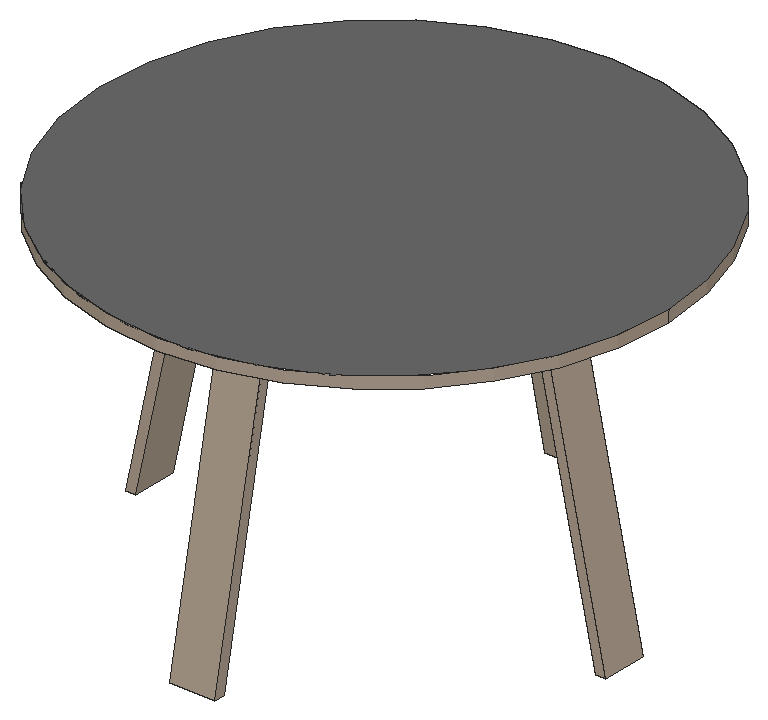
Revit family "Haworth_Bac_Table_Round", category Furniture, Revit 2018
Family settings
  OmniClass Number = 23.40.70.14.64.21
  OmniClass Title = Systems Furniture
  Work Plane-Based = No
  Always vertical = Yes
  Cut with Voids When Loaded = No
  Shared = No
  Room Calculation Point = No
Parameters (values of type "HCCE-BCTR - 49dia")
  Warranty = "http://www.haworth.com/resources/product-info/warranties"
  URL - Product = "https://www.haworth.com/na/en/products/collaborative-conference/bac-table.html"
  Top Finish [instance] = Haworth _ Linoleum _ Black E8-307
  Support Depth = 2 93/256"  # constant formula
  Radius = Actual Width / 2  # 24 1/2"
  Model = "HCCE-BCTR"
  URL = "http://www.haworth.com/our-brands/haworth-collection"
  Support Height = 4 43/256"  # constant formula
  Size = "Verify Final Dim. w/ Haworth"  # constant formula
  Revision Number = "4"  # constant formula
  Standard Height = "29 in."  # constant formula
  Manufacturer = "Haworth"  # constant formula
  Leg Depth = 3 15/16"  # constant formula
  Description = "Haworth Bac Table Round - 49dia"
  Base Finish [instance] = Haworth _ Wood _ Stained Ash _ White
  Author = "Haworth (Hampton)"  # constant formula
  Assembly Code = "E2020200"
  Actual Width = 49"  # constant formula
  Actual Height = 29"  # constant formula
  Table Thickness = 1"  # constant formula
  Standard Depths = "49 in."  # constant formula
  Actual Depth = Actual Width  # 49"
Reference planes (in)
  plane 1 "Center F/B": y = -0.15866
  plane 2 "Floor": z = 0
  plane 3 "Center L/R": x = 0
  plane 4 "Table Edge Left": x = -24.5
  plane 5 "Table Edge Right": x = 24.5
  plane 6 "Table Edge Back": y = -24.65866
  plane 7 "Table Edge Front": y = 24.34134
  plane 8 "Table Bottom": z = 29
  plane 9 "masking region": z = 24.83203
  plane 10 "Table Top Bottom": z = 28
  plane 11 "Leg Outside Back": y = 1.81009
  plane 12 "Leg Outside Front": y = -2.12741
  plane 13 "Leg Inside Back": y = 1.02298
  plane 14 "Leg Inside Front": y = -1.3403
  plane 15 "Leg Outside Left": x = -1.96875
  plane 16 "Leg Outside Right": x = 1.96875
  plane 17 "Leg Inside Left": x = -1.18164
  plane 18 "Leg Inside Right": x = 1.18164
Forms (in)
  Extrusion 1, solid, material "Haworth _ Linoleum _ Black E8-307" <- "Top Finish"
    sketch origin (0, 0, 0) x (1, 0, 0) y (0, 1, 0)
      loop
        circle (0, -0.15866) r 24.5
    from 28 to 29
  Extrusion 2, solid, material "Haworth _ Wood _ Stained Ash _ White" <- "Base Finish"
    sketch origin (0, -2.12741, 0) x (-1, 0, 0) y (0, 0, -1)
      loop
        line (20.66885, 0) -> (19.78335, 0) -> (13.83177, -28) -> (14.71726, -28) -> (20.66885, 0)
      loop
        line (-20.66885, 0) -> (-14.71726, -28) -> (-13.83177, -28) -> (-19.78335, 0) -> (-20.66885, 0)
    from -3.93722 to 0
  Extrusion 3, solid, material "Haworth _ Wood _ Stained Ash _ White" <- "Base Finish"
    sketch origin (0, -2.12741, 0) x (-1, 0, 0) y (0, 0, -1)
      loop
        line (13.75914, -28) -> (14.43246, -24.83203) -> (-14.43246, -24.83203) -> (-13.75914, -28) -> (13.75914, -28)
    from -3.15039 to -0.78711
  Extrusion 4, solid, material "Haworth _ Wood _ Stained Ash _ White" <- "Base Finish"
    sketch origin (0, 0, 0) x (0, 1, 0) y (0, 0, 1)
      loop
        line (-19.94201, 0) -> (-13.99043, 28) -> (-14.87592, 28) -> (-20.8275, 0) -> (-19.94201, 0)
      loop
        line (19.6247, 0) -> (20.51019, 0) -> (14.5586, 28) -> (13.67311, 28) -> (19.6247, 0)
    from -1.96875 to 1.96875
  Extrusion 5, solid, material "Haworth _ Wood _ Stained Ash _ White" <- "Base Finish"
    sketch origin (0, 0, 0) x (0, 1, 0) y (0, 0, 1)
      loop
        line (-14.59112, 24.83203) -> (-1.3403, 24.83203) -> (-1.3403, 28) -> (-13.91775, 28) -> (-14.59112, 24.83203)
      loop
        line (14.2738, 24.83203) -> (13.60043, 28) -> (1.02298, 28) -> (1.02298, 24.83203) -> (14.2738, 24.83203)
    from -1.18164 to 1.18164
Lines and regions (in)
  Masking region 1
    outline origin (0, 0, 24.83203) x (0, -1, 0) y (1, 0, 0)
      loop
        circle (0.15866, 0) r 24.5
  reference lines
    curve 1: circle (0, -0.15866, 0) r 24.5 normal (0, 0, 1)
  symbolic lines, detail levels fine
    curve 2: line (-20.66885, 1.80981, 0) -> (-13.83177, 1.80981, 0)
    curve 3: line (-20.66885, -2.12741, 0) -> (-20.66885, 1.80981, 0)
    curve 4: line (-13.83177, -2.12741, 0) -> (-20.66885, -2.12741, 0)
    curve 5: line (-13.83177, 1.80981, 0) -> (-13.83177, -2.12741, 0)
    curve 6: line (-1.96875, 20.51019, 0) -> (1.96875, 20.51019, 0)
    curve 7: line (-1.96875, 13.67311, 0) -> (-1.96875, 20.51019, 0)
    curve 8: line (1.96875, 13.67311, 0) -> (-1.96875, 13.67311, 0)
    curve 9: line (1.96875, 20.51019, 0) -> (1.96875, 13.67311, 0)
    curve 10: line (13.83177, 1.80981, 0) -> (20.66885, 1.80981, 0)
    curve 11: line (13.83177, -2.12741, 0) -> (13.83177, 1.80981, 0)
    curve 12: line (20.66885, -2.12741, 0) -> (13.83177, -2.12741, 0)
    curve 13: line (20.66885, 1.80981, 0) -> (20.66885, -2.12741, 0)
    curve 14: line (-1.96875, -13.99043, 0) -> (1.96875, -13.99043, 0)
    curve 15: line (-1.96875, -20.8275, 0) -> (-1.96875, -13.99043, 0)
    curve 16: line (1.96875, -20.8275, 0) -> (-1.96875, -20.8275, 0)
    curve 17: line (1.96875, -13.99043, 0) -> (1.96875, -20.8275, 0)
    curve 18: line (-1.18164, 13.67311, 0) -> (-1.18164, -13.99043, 0)
    curve 19: line (1.18164, 13.67311, 0) -> (1.18164, -13.99043, 0)
    curve 20: line (-13.83177, 1.02298, 0) -> (13.83177, 1.02298, 0)
    curve 21: line (-13.83177, -1.3403, 0) -> (13.83177, -1.3403, 0)
Dimensions and locks (in)
  "Actual Depth": plane 7 "Table Edge Front" to plane 6 "Table Edge Back"
  "Actual Width": plane 4 "Table Edge Left" to plane 5 "Table Edge Right"
  equal spacing: plane 4 "Table Edge Left", plane 3 "Center L/R", plane 5 "Table Edge Right"
  equal spacing: plane 7 "Table Edge Front", plane 1 "Center F/B", plane 6 "Table Edge Back"
  "Actual Height": plane 8 "Table Bottom" to level
  "Support Height": plane 8 "Table Bottom" to plane 9 "masking region"
  "Table Thickness": plane 8 "Table Bottom" to plane 10 "Table Top Bottom"
  equal spacing: plane 12 "Leg Outside Front", plane 1 "Center F/B", plane 11 "Leg Outside Back"
  "Leg Depth": plane 12 "Leg Outside Front" to plane 11 "Leg Outside Back"
  equal spacing: plane 13 "Leg Inside Back", plane 1 "Center F/B", plane 14 "Leg Inside Front"
  "Support Depth": plane 13 "Leg Inside Back" to plane 14 "Leg Inside Front"
  equal spacing: plane 17 "Leg Inside Left", plane 3 "Center L/R", plane 18 "Leg Inside Right"
  "Support Depth": plane 17 "Leg Inside Left" to plane 18 "Leg Inside Right"
  equal spacing: plane 15 "Leg Outside Left", plane 3 "Center L/R", plane 16 "Leg Outside Right"
  "Leg Depth": plane 15 "Leg Outside Left" to plane 16 "Leg Outside Right"
  "Radius": radius of curve 1
  aligned and locked: Extrusion 1 sketch curve to curve 1
  aligned and locked: Extrusion 1 to plane 8 "Table Bottom"
  aligned and locked: Masking region 1 sketch curve to Extrusion 1
  aligned and locked: Extrusion 1 to plane 10 "Table Top Bottom"
  aligned and locked: plane 12 "Leg Outside Front" to Extrusion 2
  aligned and locked: plane 13 "Leg Inside Back" to Extrusion 3
  aligned and locked: plane 14 "Leg Inside Front" to Extrusion 3
  aligned and locked: Extrusion 4 to plane 15 "Leg Outside Left"
  aligned and locked: Extrusion 4 to plane 16 "Leg Outside Right"
  aligned: Extrusion 5 to plane 15 "Leg Outside Left"
  aligned and locked: Extrusion 5 to plane 18 "Leg Inside Right"
  aligned and locked: Extrusion 5 to plane 17 "Leg Inside Left"
  aligned and locked: curve 2 to Extrusion 2
  aligned and locked: curve 3 to Extrusion 2
  aligned and locked: curve 4 to Extrusion 2
  aligned and locked: curve 5 to Extrusion 2
  aligned and locked: curve 6 to Extrusion 4
  aligned and locked: curve 7 to Extrusion 4
  aligned and locked: curve 8 to Extrusion 4
  aligned and locked: curve 11 to Extrusion 2
  aligned and locked: curve 12 to plane 12 "Leg Outside Front"
  aligned and locked: curve 13 to Extrusion 2
  aligned and locked: curve 14 to Extrusion 4
  aligned and locked: curve 15 to Extrusion 4
  aligned and locked: curve 16 to Extrusion 4
  aligned and locked: curve 17 to Extrusion 4
Automatic sketch dimensions
  plane 1 "Center F/B" to curve 1 = 0"
  curve 1 to plane 3 "Center L/R" = 0"
  curve 18 to plane 17 "Leg Inside Left" = 0"
  curve 19 to plane 18 "Leg Inside Right" = 0"
  curve 9 to plane 16 "Leg Outside Right" = 0"
  plane 14 "Leg Inside Front" to curve 21 = 0"
  curve 20 to plane 13 "Leg Inside Back" = 0"
  curve 10 to plane 11 "Leg Outside Back" = 0.00028"
  Extrusion 2 sketch curve to level = 0"  (x2)
  Extrusion 2 sketch curve to plane 10 "Table Top Bottom" = 0"  (x2)
  plane 5 "Table Edge Right" to Extrusion 2 sketch curve = 3.83115"
  Extrusion 2 sketch curve to Extrusion 2 sketch curve = 0.88549"  (x4)
  plane 5 "Table Edge Right" to Extrusion 2 sketch curve = 9.78274"
  Extrusion 2 sketch curve to plane 4 "Table Edge Left" = 10.66823"
  Extrusion 2 sketch curve to plane 4 "Table Edge Left" = 4.71665"
  Extrusion 3 sketch curve to plane 9 "masking region" = 0"
  Extrusion 3 sketch curve to plane 10 "Table Top Bottom" = 0"
  plane 5 "Table Edge Right" to Extrusion 3 sketch curve = 10.06754"
  Extrusion 3 sketch curve to Extrusion 3 sketch curve = 0.67333"  (x2)
  Extrusion 3 sketch curve to plane 4 "Table Edge Left" = 10.74086"
  Extrusion 4 sketch curve to level = 0"  (x2)
  Extrusion 4 sketch curve to plane 10 "Table Top Bottom" = 0"  (x2)
  plane 6 "Table Edge Back" to Extrusion 4 sketch curve = 3.83115"
  Extrusion 4 sketch curve to Extrusion 4 sketch curve = 0.88549"  (x4)
  plane 6 "Table Edge Back" to Extrusion 4 sketch curve = 9.78274"
  Extrusion 4 sketch curve to plane 7 "Table Edge Front" = 10.66823"
  Extrusion 4 sketch curve to plane 7 "Table Edge Front" = 4.71665"
  plane 9 "masking region" to Extrusion 5 sketch curve = 0"  (x2)
  Extrusion 5 sketch curve to plane 10 "Table Top Bottom" = 0"  (x2)
  Extrusion 5 sketch curve to plane 14 "Leg Inside Front" = 0"
  Extrusion 5 sketch curve to plane 13 "Leg Inside Back" = 0"
  plane 6 "Table Edge Back" to Extrusion 5 sketch curve = 10.74091"
  Extrusion 5 sketch curve to Extrusion 5 sketch curve = 0.67337"  (x2)
  Extrusion 5 sketch curve to plane 7 "Table Edge Front" = 10.74091"
